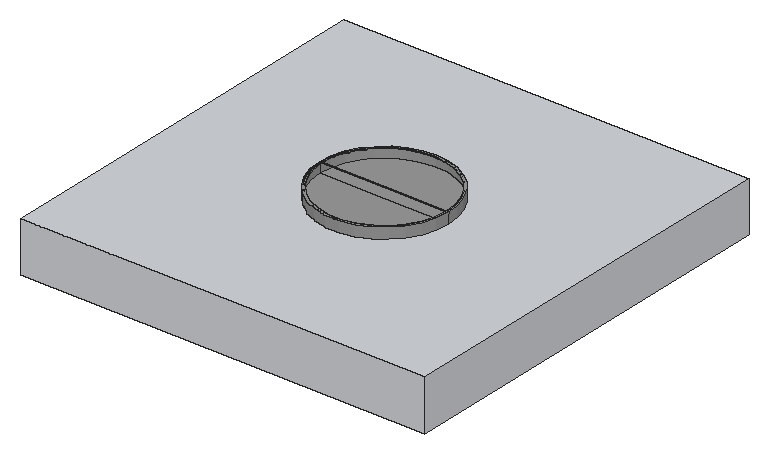
Revit family "LAMP_MUN LIGHT 780 DOWNLIGHT", category Modelos genéricos, Revit 2015
Parameters (values of type "6602LM 3000 GRAPHITE")
  Weight = 12.37 kg
  Type = "LOW POWER OSRAM"
  Protection rating = "IP20 / IK08"
  Product datasheet = "http://www.lamp.es/product-files/TECH/ML1780SF65830NB-EN.pdf"
  Product code = "ML1780SF65830NB"
  Product URL = "https://www.lamp.es/en/family/mun-light_33332"
  Power Supply = "220-240V 50-60Hz"
  Power = 60 W
  Plum = 63.6 W
  Photometric web file = Cuerpo Mun light 780 : 6602LM 3000 GRAPHITE
  Modelo = Product code  # "ML1780SF65830NB"
  Manufacturer name = "LAMP"
  Manufacturer country = "Spain"
  Manufacturer URL = "http://www.lamp.es/en"
  MacAdam = "<3"
  Luminaire type = "Indoor - Downlight"
  Last update = "11/11/2020"
  Lamp = "LOW POWER LED"
  LED Lifetime = "50.000 L80 B10"
  Insulation class = "I"
  Installation instructions = "https://www.lamp.es/product-files/INS/1004130-C-MUN%20LIGHT.pdf"
  Initial intensity = 6602 lm
  Initial color = 3000 K
  IEE = "A+"
  Height = 64 mm
  Gear = "Electronic"
  Finish = "Texturised matte graphite"
  Fabricante = Manufacturer name  # "LAMP"
  Default Elevation = 1219.2 mm
  Efficacy = 103.8 lm/W
  Diameter = 780 mm
  Descripción = "MUN LIGHT SUR Ø780 6700 WW GRH."
  CRI = "80"
Types (4, lengths in mm): name | Product datasheet | Product code | Modelo | Initial intensity | Initial color | Finish | Efficacy | Descripción
  6602LM 4000 GRAPHITE | "http://www.lamp.es/product-files/TECH/ML1780SF65840NB-EN.pdf" | "ML1780SF65840NB" | "ML1780SF65840NB" | 6602 lm | 4000 K | "Texturised matte graphite" | 103.8 lm/W | "MUN LIGHT SUR Ø780 6700 NW GRH."
  6602LM 3000 GRAPHITE | "http://www.lamp.es/product-files/TECH/ML1780SF65830NB-EN.pdf" | "ML1780SF65830NB" | "ML1780SF65830NB" | 6602 lm | 3000 K | "Texturised matte graphite" | 103.8 lm/W | "MUN LIGHT SUR Ø780 6700 WW GRH."
  6994LM 3000 WHITE | "http://www.lamp.es/product-files/TECH/ML1780SF65840NW-EN.pdf" | "ML1780SF65840NW" | "ML1780SF65840NW" | 6994 lm | 4000 K | "Texturised matte white" | 110 lm/W | "MUN LIGHT SUR Ø780 6700 NW WH."
  6994LM 4000 WHITE | "http://www.lamp.es/product-files/TECH/ML1780SF65830NW-EN.pdf" | "ML1780SF65830NW" | "ML1780SF65830NW" | 6994 lm | 3000 K | "Texturised matte white" | 110 lm/W | "MUN LIGHT SUR Ø780 6700 WW WH."
Reference planes
  plane 1 "Centro (Frontal/Posterior)": y = 0
  plane 2: z = 0
  plane 3 "Centro (Izquierda/Derecha)": x = 0
Forms (mm)
  Extrusion 1, solid
    sketch origin (0, 0, 0) x (1, 0, 0) y (0, 1, 0)
      loop
        line (-1219.2, 1219.2) -> (-1219.2, -1219.2) -> (1219.2, -1219.2) -> (1219.2, 1219.2) -> (-1219.2, 1219.2)
    from 0 to -304.8
Text (mm)
  text "Any modification of the parameters and properties of the LAMP BIM models must be executed and validated by the LAMP technical department.\n\nPhone: +34 93 736 68 00\n\nE-mail: lamp@lamp.es\n\n\n\nLAMP reserves the right to modify the technical specifications of its products." at (-15093.995, 15695.627, -15135.507), in view "Preview"
Dimensions and locks
  aligned and locked: plane 2 to Extrusion 1
  aligned and locked: level to Extrusion 1
Nested families
  nested 1: "Cuerpo Mun light 780" at (0, 0, 1564) x (1, 0, 0) z (0, 0, -1), type <- "Photometric web file", type "6602LM 3000 GRAPHITE"
Connectors
  electrical at (0, 0, 1.5)
    settings: on nested 1, index 1, voltage 230 V, apparent load 0 VA, apparent load phase1 0 VA, apparent load phase2 0 VA, apparent load phase3 0 VA, power factor 1, load classification "Otro", number of poles 1, system type 31, power factor state 1, is connector primary yes, connector utility no, sub classification motor no, connector description ""
Definition of nested family "Cuerpo Mun light 780"
  Parameters (values of type "6602LM 3000 GRAPHITE")
    Tilt Angle = 90.00°
    Wattage = 63.6 W
    built-in parameter 1150110 = 1 (stored number, unit not read)
    Material difusor = none
    Material cuerpo = none
    built-in parameter 1114217 = 1 (stored number, unit not read)
    built-in parameter 1150109 = 1 (stored number, unit not read)
    Default Elevation = 1219.2 mm
    Diametro interior 2 = 374.5 mm
    Diametro interior 1 = 388.5 mm
    Diametro difusor = 381 mm
    built-in parameter 1150134 = (empty or 0)
    built-in parameter 1150113 = 1 (stored number, unit not read)
    Lumens = 6601.68 lm
    built-in parameter 1150115 = 1 (stored number, unit not read)
    built-in parameter 1150105 = 2258.4 (stored number, unit not read)
    built-in parameter 1150137 = (empty or 0)
    built-in parameter 1150139 = (empty or 0)
    built-in parameter 1150112 = 1 (stored number, unit not read)
    built-in parameter 1150114 = 1 (stored number, unit not read)
    built-in parameter 1150132 = 2
    built-in parameter 1150102 = (empty or 0)
    built-in parameter 1150138 = (empty or 0)
    built-in parameter 1150107 = 3000 (stored number, unit not read)
    built-in parameter 1150106 = 22.584 (stored number, unit not read)
    built-in parameter 1150104 = 9.6433 (stored number, unit not read)
    Dimming Lamp Color Temperature Shift = (empty or 0)
    Color Filter = 16777215
    built-in parameter 1114218 = 1 (stored number, unit not read)
    Photometric Web File = "10541002.IES"
    built-in parameter 1150133 = 10 (stored number, unit not read)
  Types (4, lengths in mm): name | built-in parameter 1150134 | Lumens | built-in parameter 1150105 | built-in parameter 1150107 | built-in parameter 1150106 | built-in parameter 1150104 | Photometric Web File
    6602LM 4000 GRAPHITE | 12 | 6601.68 lm | 2258.4 (stored number, unit not read) | 4000 (stored number, unit not read) | 22.584 (stored number, unit not read) | 9.6433 (stored number, unit not read) | "10540002.IES"
    6602LM 3000 GRAPHITE | (empty or 0) | 6601.68 lm | 2258.4 (stored number, unit not read) | 3000 (stored number, unit not read) | 22.584 (stored number, unit not read) | 9.6433 (stored number, unit not read) | "10541002.IES"
    6994LM 3000 WHITE | (empty or 0) | 6996 lm | 2451.7 (stored number, unit not read) | 3000 (stored number, unit not read) | 24.517 (stored number, unit not read) | 10.219 (stored number, unit not read) | "10541000.IES"
    6994LM 4000 WHITE | 12 | 6996 lm | 2452.1 (stored number, unit not read) | 4000 (stored number, unit not read) | 24.521 (stored number, unit not read) | 10.219 (stored number, unit not read) | "10540000.IES"
  Reference planes
    plane 1 "Eje de origen de luz (F/P)": y = 0
    plane 2: z = 0
    plane 3 "Eje de origen de luz (I/D)": x = 0
    plane 4 "Elevación de origen de luz": z = 1500
  Forms (mm)
    Revolve 1, solid, material <- "Material cuerpo"
      sketch origin (0, 0, 0) x (1, 0, 0) y (0, 0, 1)
        loop
          line (374.5, 1500) -> (390, 1500) -> (390, 1564) -> (0, 1564) -> (0, 1562.5) -> (388.5, 1562.5) -> (388.5, 1501.5) -> (374.5, 1501.5) -> (374.5, 1500)
        axis (0, 1564) -> (0, 1500)
      angle from 0 to 360
    Revolve 2, solid, material <- "Material difusor"
      sketch origin (0, 0, 0) x (1, 0, 0) y (0, 0, 1)
        loop
          line (0, 1501.5) -> (381, 1501.5) -> (381, 1504.5) -> (0, 1504.5) -> (0, 1501.5)
        axis (0, 1504.5) -> (0, 1501.5)
      angle from 0 to 360
    Extrusion 3, solid, material <- "Material cuerpo"
      sketch origin (-1.259, 527.034, 0) x (-1, 0, 0) y (0, -1, 0)
        loop
          line (-8.572, 148.16) -> (-8.572, 141.872)
          arc (-8.572, 141.872) -> (-8.222, 141.522) -> (-7.872, 141.872) r 0.35
          line (-7.872, 141.872) -> (-7.872, 147.667) -> (-6.665, 147.667) -> (-4.718, 142.006)
          arc (-4.718, 142.006) -> (-4.092, 141.559) -> (-3.465, 142.006) r 0.663
          line (-3.465, 142.006) -> (-1.68, 147.197)
          arc (-1.68, 147.197) -> (-1.234, 147.463) -> (-0.899, 147.067) r 0.401
          line (-0.899, 147.067) -> (-0.899, 142.203)
          arc (-0.899, 142.203) -> (-0.391, 141.498) -> (0.439, 141.755) r 0.744
          line (0.439, 141.755) -> (1.555, 142.871) -> (2.672, 141.755)
          arc (2.672, 141.755) -> (3.502, 141.498) -> (4.009, 142.203) r 0.744
          line (4.009, 142.203) -> (4.009, 147.429) -> (5.378, 147.429) -> (5.378, 141.559) -> (8.876, 141.559) -> (8.876, 144.707) -> (6.509, 144.707)
          arc (6.509, 144.707) -> (6.159, 144.358) -> (6.509, 144.008) r 0.35
          line (6.509, 144.008) -> (8.176, 144.008) -> (8.176, 142.259) -> (6.077, 142.259) -> (6.077, 148.16) -> (3.298, 148.16) -> (3.298, 142.303) -> (1.555, 144.045) -> (-0.187, 142.303) -> (-0.187, 148.115) -> (-2.104, 148.115) -> (-4.092, 142.338) -> (-6.095, 148.16) -> (-8.572, 148.16)
      from 1499 to 1500
  Dimensions and locks
    "Diametro interior 2": Revolve 1 sketch curve to plane 3 "Eje de origen de luz (I/D)"
    locked: Revolve 1 sketch curve to Revolve 1 sketch curve at 1.5
    "Diametro interior 1": Revolve 1 sketch curve to plane 3 "Eje de origen de luz (I/D)"
    "Diametro difusor": Revolve 2 sketch curve to plane 3 "Eje de origen de luz (I/D)"
    aligned and locked: plane 3 "Eje de origen de luz (I/D)" to imposter light
    aligned and locked: plane 1 "Eje de origen de luz (F/P)" to imposter light
    aligned and locked: plane 4 "Elevación de origen de luz" to imposter light
    aligned and locked: level to plane 2
  Automatic sketch dimensions
    Extrusion 3 sketch curve to plane 3 "Eje de origen de luz (I/D)" = 7.313 mm
    Extrusion 3 sketch curve to Extrusion 3 sketch curve = 0.35 mm  (x2)
    Extrusion 3 sketch curve to Extrusion 3 sketch curve = 1.207 mm
    Extrusion 3 sketch curve to Extrusion 3 sketch curve = 0.57 mm
    Extrusion 3 sketch curve to Extrusion 3 sketch curve = 3.154 mm
    Extrusion 3 sketch curve to Extrusion 3 sketch curve = 0.627 mm  (x2)
    Extrusion 3 sketch curve to Extrusion 3 sketch curve = 0 mm  (x3)
    Extrusion 3 sketch curve to plane 3 "Eje de origen de luz (I/D)" = 0.845 mm
    Extrusion 3 sketch curve to plane 3 "Eje de origen de luz (I/D)" = 0.421 mm
    Extrusion 3 sketch curve to plane 3 "Eje de origen de luz (I/D)" = 0.041 mm
    plane 3 "Eje de origen de luz (I/D)" to Extrusion 3 sketch curve = 0.36 mm
    Extrusion 3 sketch curve to Extrusion 3 sketch curve = 0.712 mm  (x2)
    Extrusion 3 sketch curve to Extrusion 3 sketch curve = 0.032 mm
    Extrusion 3 sketch curve to Extrusion 3 sketch curve = 0.594 mm  (x2)
    Extrusion 3 sketch curve to Extrusion 3 sketch curve = 1.742 mm
    Extrusion 3 sketch curve to Extrusion 3 sketch curve = 1.116 mm
    Extrusion 3 sketch curve to Extrusion 3 sketch curve = 3.484 mm
    Extrusion 3 sketch curve to Extrusion 3 sketch curve = 1.368 mm
    Extrusion 3 sketch curve to Extrusion 3 sketch curve = 0.7 mm  (x3)
    Extrusion 3 sketch curve to Extrusion 3 sketch curve = 0.432 mm
    Extrusion 3 sketch curve to Extrusion 3 sketch curve = 1.667 mm
    plane 1 "Eje de origen de luz (F/P)" to Extrusion 3 sketch curve = 378.874 mm
    Extrusion 3 sketch curve to Extrusion 3 sketch curve = 0.044 mm
    Extrusion 3 sketch curve to Extrusion 3 sketch curve = 0.493 mm
    Extrusion 3 sketch curve to Extrusion 3 sketch curve = 0.731 mm
    Extrusion 3 sketch curve to Extrusion 3 sketch curve = 0.918 mm
    Extrusion 3 sketch curve to Extrusion 3 sketch curve = 2.722 mm
    Extrusion 3 sketch curve to Extrusion 3 sketch curve = 3.021 mm
    Extrusion 3 sketch curve to Extrusion 3 sketch curve = 1.174 mm
    Extrusion 3 sketch curve to Extrusion 3 sketch curve = 4.859 mm
    Extrusion 3 sketch curve to Extrusion 3 sketch curve = 0.568 mm
    Extrusion 3 sketch curve to Extrusion 3 sketch curve = 1.749 mm
    Extrusion 3 sketch curve to Extrusion 3 sketch curve = 0.117 mm
    Extrusion 3 sketch curve to Extrusion 3 sketch curve = 0.1 mm
    Extrusion 3 sketch curve to Extrusion 3 sketch curve = 0.215 mm
    Extrusion 3 sketch curve to Extrusion 3 sketch curve = 0.134 mm
    Revolve 1 sketch curve to plane 3 "Eje de origen de luz (I/D)" = 0 mm  (x2)
    Revolve 1 sketch curve to plane 4 "Elevación de origen de luz" = 0 mm
    Revolve 1 sketch curve to plane 4 "Elevación de origen de luz" = 1.5 mm
    Revolve 1 sketch curve to Revolve 1 sketch curve = 61 mm
    Revolve 1 sketch curve to Revolve 1 sketch curve = 1.5 mm
    Revolve 1 sketch curve to level = 271.696 mm
    Revolve 1 sketch curve to Revolve 1 sketch curve = 138.626 mm
    Revolve 2 sketch curve to plane 3 "Eje de origen de luz (I/D)" = 0 mm  (x2)
    Revolve 2 sketch curve to plane 4 "Elevación de origen de luz" = 1.5 mm
    Revolve 2 sketch curve to Revolve 2 sketch curve = 3 mm
    Revolve 2 sketch curve to level = 271.696 mm
    Revolve 2 sketch curve to Revolve 2 sketch curve = 198.126 mm
